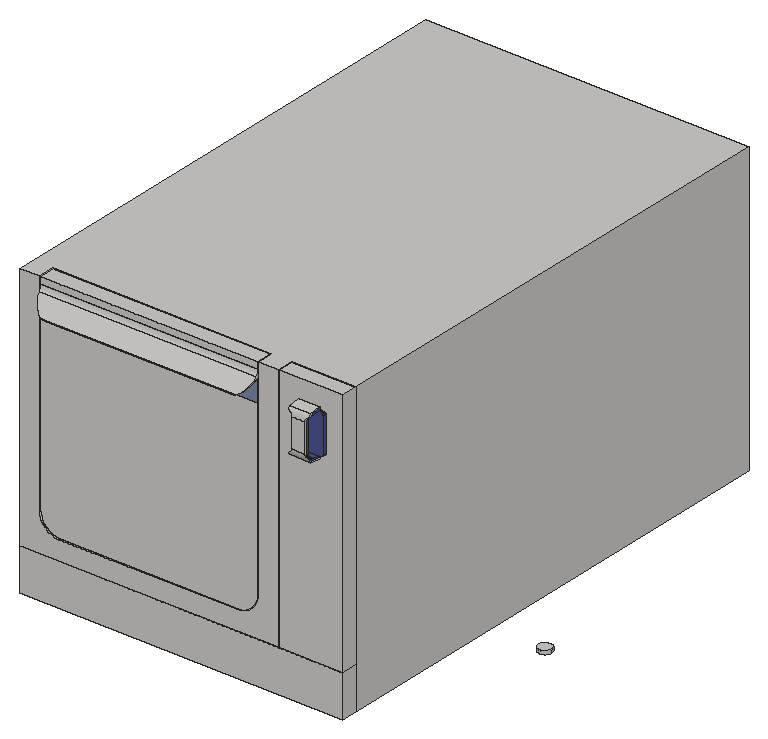
Revit family "QF_ELECTROLUXPROFESSIONAL_588651_MB4GCAEOAO", category Attrezzature speciali, Revit 2020
Family settings
  Quota connettore circolare = Usa diametro
  Tipo di parte = Normale
  Basato su piano di lavoro = No
  Sempre verticale = Sì
  Taglio con vuoti quando caricato = No
  Condiviso = No
  Punto di calcolo locali = No
Parameters (values of type "Standard")
  Weight = 22.00 kg
  Watts = 1000 W
  Volts = 400 V
  URL Manufacturer = "https://www.electroluxprofessional.com/"
  URL = "https://www.electroluxprofessional.com/"
  Steam Supply Size = 0"
  Steam Supply Minimum Pressure = 0.00 psi
  Steam Supply Maximum Pressure = 0.00 psi
  Steam Consumption per Hour = 0
  Refrigeration Suction Line Size = 0 mm
  Refrigeration Liquid Line Size = 0 mm
  Refrigerant Compressor Remote = yes
  Prospetto di default = 0 mm
  Phase = 3
  Modello = "MB4GCAEOAO"
  Produttore = "Electrolux Professional"
  Length Actual = 500 mm  # constant formula
  Item Number = "588651"
  Hot Water Size = 0"
  Height Actual = 450 mm  # constant formula
  HP = "1.3 HP"
  Gas Size = 0"
  Gas KW = 0
  Gas Input Pressure = 0.0 Btu/h
  Direct Waste Size = 0"
  Descrizione = "EL.WARM.CAB,GN,1 DOOR,1S,H2,500X850X450H"
  Depth Actual = 850 mm  # constant formula
  Cycle = 50 Hz
  Condensate Return Size = 0"
  Compressed Air Volume = 0 GPM
  Compressed Air Size = 0"
  Compressed Air Pressure = 0.00 psi
  Cold Water Size = 0"
  Accessory = yes
Reference planes
  plane 1 "BACK": y = 0
  plane 2: z = 0
  plane 3 "LEFT": x = 0
  plane 4 "RIGHT": x = 500
  plane 5 "FRONT": y = -850
  plane 6 "PLAIN": z = 900
  plane 7 "Center (Left/Right)": x = 250
  plane 8 "Center (Front/Back)": y = -425
  plane 9 "TOP": z = 650
  plane 10 "BASE": z = 200
  plane 11: x = 422
  plane 12: x = 78
  plane 13 "Feet_back": y = -150
  plane 14 "Feet_Front": y = -720
  plane 15: x = 500
  plane 16: z = 265
  plane 17: y = -45
  plane 18: y = -805
  plane 19: y = -70
  plane 20: y = -830
  plane 21 "ButtonX": x = 450
  plane 22 "ButtonZ": z = 590
  plane 23 "EIy": y = -537.367
  plane 24 "EIx": x = 579.018
  plane 25: x = 400
Forms (mm)
  Extrusion 1, solid, material "QF_Finishes_Stainless Steel"
    sketch origin (0, 0, 650) x (0, 1, 0) y (0, 0, 1)
      loop
        line (-45, -450) -> (-45, 0) -> (-805, 0) -> (-805, -450) -> (-45, -450)
    from 0 to 500
  Extrusion 2, solid, material "QF_Finishes_Stainless Steel"
    sketch origin (0, 0, 650) x (0, 1, 0) y (0, 0, 1)
      loop
        line (-830, -450) -> (-805, -450) -> (-805, -385) -> (-830, -385) -> (-830, -450)
    from 0 to 500
  Extrusion 3, void
    sketch origin (0, -850, 0) x (1, 0, 0) y (0, 0, 1)
      loop
        line (0, 650) -> (0, 265) -> (400, 265) -> (400, 650) -> (0, 650)
    from 0 to -780
  Extrusion 4, solid, material "QF_Finishes_Stainless Steel"
    sketch origin (0, -850, 0) x (1, 0, 0) y (0, 0, 1)
      loop
        line (30, 650) -> (30, 627) -> (400, 627) -> (400, 650) -> (30, 650)
    from -45 to -805
  Extrusion 5, solid, material "QF_Finishes_Stainless Steel"
    sketch origin (0, -850, 0) x (1, 0, 0) y (0, 0, 1)
      loop
        line (0, 650) -> (0, 265) -> (400, 265) -> (400, 650) -> (368, 650) -> (368, 325)
        arc (368, 325) -> (359.213, 303.787) -> (338, 295) r 30
        line (338, 295) -> (60, 295)
        arc (60, 295) -> (38.787, 303.787) -> (30, 325) r 30
        line (30, 325) -> (30, 650) -> (0, 650)
    from -20 to -780
  Extrusion 6, solid, material "QF_Finishes_Stainless Steel"
    sketch origin (0, -850, 0) x (1, 0, 0) y (0, 0, 1)
      loop
        line (400, 650) -> (400, 265) -> (500, 265) -> (500, 650) -> (400, 650)
    from -20 to -45
  Extrusion 7, solid, material "QF_Finishes_Stainless Steel"
    sketch origin (0, 0, 200) x (-1, 0, 0) y (0, -1, 0)
      loop
        circle (-579.018, 537.367) r 10
    from 0 to -5
Cuts and joins
  Extrusion 3 cuts Extrusion 1
  joined: Extrusion 1, Extrusion 4, Extrusion 5
Lines and regions (mm)
  symbolic lines, style "SpecialityEquipmentHiddenLines"
    curve 1: line (0, 0, 0) -> (500, 0, 0)
    curve 2: line (0, -850, 0) -> (0, 0, 0)
    curve 3: line (500, -850, 0) -> (0, -850, 0)
    curve 4: line (500, 0, 0) -> (500, -850, 0)
Dimensions and locks
  plane 3 "LEFT" to plane 4 "RIGHT" = 500 mm
  plane 5 "FRONT" to plane 1 "BACK" = 850 mm
  equal spacing: plane 3 "LEFT", plane 7 "Center (Left/Right)", plane 4 "RIGHT"
  equal spacing: plane 5 "FRONT", plane 8 "Center (Front/Back)", plane 1 "BACK"
  plane 6 "PLAIN" to plane 9 "TOP" = 250 mm
  plane 10 "BASE" to level = 200 mm
  plane 9 "TOP" to plane 10 "BASE" = 450 mm
  locked: plane 1 "BACK" to plane 13 "Feet_back" at 150
  locked: plane 14 "Feet_Front" to plane 5 "FRONT" at 130
  locked: plane 12 to plane 3 "LEFT" at 78
  locked: plane 11 to plane 4 "RIGHT" at 78
  locked: plane 16 to plane 10 "BASE" at 65
  locked: plane 1 "BACK" to plane 17 at 45
  plane 9 "TOP" to Extrusion 4 sketch curve = 23 mm
  plane 15 to Extrusion 4 sketch curve = 100 mm
  locked: Extrusion 5 sketch curve to plane 16 at 30
  plane 6 "PLAIN" to level = 900 mm
  locked: plane 17 to plane 19 at 25
  locked: plane 20 to plane 5 "FRONT" at 20
  locked: plane 18 to plane 20 at 25
  plane 17 to plane 20 = 785 mm
  plane 21 "ButtonX" to plane 4 "RIGHT" = 50 mm
  plane 22 "ButtonZ" to level = 590 mm
  plane 25 to plane 3 "LEFT" = 400 mm
  aligned and locked: level to plane 2
  aligned and locked: Extrusion 1 to plane 4 "RIGHT"
  aligned and locked: Extrusion 1 to plane 3 "LEFT"
  aligned and locked: Extrusion 2 to plane 4 "RIGHT"
  aligned and locked: plane 9 "TOP" to Extrusion 3 sketch curve
  aligned and locked: Extrusion 2 to plane 10 "BASE"
  aligned and locked: Extrusion 2 to plane 16
  aligned and locked: plane 16 to Extrusion 3 sketch curve
  aligned and locked: plane 9 "TOP" to Extrusion 5 sketch curve  (x2)
  aligned and locked: plane 16 to Extrusion 5 sketch curve
  aligned and locked: Extrusion 6 sketch curve to plane 9 "TOP"
  aligned and locked: Extrusion 6 sketch curve to plane 16
  aligned and locked: plane 4 "RIGHT" to Extrusion 6 sketch curve
  aligned and locked: Extrusion 5 to plane 19
  aligned and locked: cut or joined group of Extrusion 1, Extrusion 3, Extrusion 4, Extrusion 5 to plane 19
  aligned and locked: cut or joined group of Extrusion 1, Extrusion 3, Extrusion 4, Extrusion 5 to plane 17
  aligned and locked: plane 20 to Extrusion 5
  aligned and locked: plane 20 to Extrusion 6
  aligned and locked: Extrusion 6 to plane 18
  aligned and locked: Extrusion 2 to plane 18
  aligned and locked: plane 20 to Extrusion 2
  aligned and locked: plane 22 "ButtonZ" to nested 2
  aligned and locked: nested 2 to plane 20
  aligned and locked: plane 21 "ButtonX" to nested 2
  aligned and locked: plane 25 to Extrusion 5 sketch curve
  aligned and locked: nested 1 to cut or joined group of Extrusion 1, Extrusion 3, Extrusion 4, Extrusion 5
  aligned and locked: plane 25 to cut or joined group of Extrusion 1, Extrusion 3, Extrusion 4, Extrusion 5
  aligned and locked: plane 25 to Extrusion 6 sketch curve
  aligned and locked: plane 25 to Extrusion 3 sketch curve
Automatic sketch dimensions
  Extrusion 1 sketch curve to plane 10 "BASE" = 0 mm
  Extrusion 1 sketch curve to plane 9 "TOP" = 0 mm
  plane 1 "BACK" to Extrusion 1 sketch curve = 45 mm
  Extrusion 1 sketch curve to plane 5 "FRONT" = 45 mm
  Extrusion 2 sketch curve to plane 5 "FRONT" = 20 mm
  Extrusion 2 sketch curve to plane 9 "TOP" = 385 mm
  plane 10 "BASE" to Extrusion 2 sketch curve = 0 mm
  Extrusion 2 sketch curve to plane 5 "FRONT" = 45 mm
  Extrusion 4 sketch curve to plane 9 "TOP" = 0 mm
  Extrusion 5 sketch curve to Extrusion 5 sketch curve = 30 mm  (x2)
  curve 3 to plane 3 "LEFT" = 0 mm
  curve 3 to plane 4 "RIGHT" = 0 mm
  plane 5 "FRONT" to curve 3 = 0 mm
  plane 1 "BACK" to curve 2 = 0 mm
  Extrusion 7 sketch curve to plane 23 "EIy" = 0 mm
  Extrusion 7 sketch curve to plane 24 "EIx" = 0 mm
  Extrusion 3 sketch curve to plane 3 "LEFT" = 0 mm
  plane 3 "LEFT" to Extrusion 4 sketch curve = 30 mm
  Extrusion 5 sketch curve to plane 3 "LEFT" = 0 mm
  plane 7 "Center (Left/Right)" to Extrusion 5 sketch curve = 88 mm
  plane 3 "LEFT" to Extrusion 5 sketch curve = 30 mm
  radius of Extrusion 7 sketch curve = 10 mm
Nested families
  nested 1: "H450H2_1DOOR" at (163.958, -805, 200) x (1, 0, 0) z (0, -1, 0), type "H450H2_1DOOR"
    with Width 340 mm, Show Clearance yes
  nested 2: "Range Control Handle" at (450, -833.137, -381.092), type "Range Control Handle"
Connectors
  electrical at (579.018, -537.367, 195), driven by "Volts"
    settings: on Extrusion 7, index 1, voltage 400 V, apparent load 0 VA, apparent load phase1 0 VA, apparent load phase2 0 VA, apparent load phase3 0 VA, power factor 1, load classification "Other", number of poles 1, system type 30, power factor state 1, is connector primary yes, connector utility no, sub classification motor no, connector description "Electrical Connection"
Definition of nested family "H450H2_1DOOR"
  Parameters
    Width [instance] = 340 mm
    Show Clearance [instance] = yes
    Model = "727995"
    Height = 450 mm
    Default Elevation = 0 mm
  Reference planes
    plane 1 "Center (Front/Back)": y = 0
    plane 2: z = 0
    plane 3 "Center (Left/Right)": x = 36.042
    plane 4 "panel": z = 25
    plane 5: x = -133.958
    plane 6: x = 206.042
    plane 7: y = 450
    plane 8: z = 340
    plane 9: z = 45
    plane 10: x = -108.958
  Forms (mm)
    Extrusion 1, solid
      sketch origin (0, -919.2, 0) x (1, 0, 0) y (0, 1, 0)
        loop
          line (-980.5, 2119.2) -> (-980.5, -162.846) -> (881.94, -162.846) -> (881.94, 2119.2) -> (-980.5, 2119.2)
      from 0 to -59.546
    Extrusion 2, solid
      sketch origin (0, 0, 0) x (1, 0, 0) y (0, 1, 0)
        loop
          arc (-131.958, 127) -> (-123.171, 105.787) -> (-101.958, 97) r 30
          line (-101.958, 97) -> (174.042, 97)
          arc (174.042, 97) -> (195.255, 105.787) -> (204.042, 127) r 30
          line (204.042, 127) -> (204.042, 393) -> (-131.958, 393) -> (-131.958, 127)
      from 0 to 25
    Extrusion 3, solid
      sketch origin (0, 0, 0) x (1, 0, 0) y (0, 1, 0)
        loop
          line (-131.958, 393) -> (204.042, 393) -> (204.042, 440) -> (-131.958, 440) -> (-131.958, 393)
      from 0 to 25
    Extrusion 4, solid
      sketch origin (36.042, 0, 0) x (0, 1, 0) y (0, 0, 1)
        loop
          line (426.693, 25) -> (440.02, 25)
          arc (440.02, 25) -> (435.261, 25.775) -> (430.993, 28.02) r 15
          line (430.993, 28.02) -> (406.653, 46.362) -> (403.644, 42.369) -> (426.693, 25)
      from -168 to 168
    Extrusion 5, void
      sketch origin (72.084, 0, 0) x (-1, 0, 0) y (0, -1, 0)
        loop
          line (204.042, -426.693) -> (204.042, -403.644) -> (180.317, -403.644)
          arc (180.317, -403.644) -> (194.508, -412.772) -> (204.042, -426.693) r 42.603
      from 25 to 47.9
    Extrusion 6, solid
      sketch origin (0, 0, 0) x (1, 0, 0) y (0, 1, 0)
        loop
          line (-131.958, 440) -> (204.042, 440) -> (204.042, 450) -> (-131.958, 450) -> (-131.958, 440)
      from 0 to 25
    Extrusion 7, void
      sketch origin (0, 0, 0) x (1, 0, 0) y (0, 1, 0)
        loop
          arc (204.042, 426.693) -> (194.508, 412.772) -> (180.317, 403.644) r 42.603
          line (180.317, 403.644) -> (204.042, 403.644) -> (204.042, 426.693)
      from 25 to 47.9
    Extrusion 8, solid, detail levels coarse
      sketch origin (0, 0, 0) x (1, 0, 0) y (0, 0, 1)
        loop
          line (-133.958, 340) -> (-133.958, 25) -> (206.042, 25)
          arc (206.042, 25) -> (107.107, 241.065) -> (-108.958, 340) r 340.918
          line (-108.958, 340) -> (-133.958, 340)
      from -450 to -97
  Cuts and joins
    Extrusion 5, Extrusion 7 cuts Extrusion 4
    Extrusion 7 cuts Extrusion 3
  Lines and regions (mm)
    symbolic lines
      curve 1: line (-133.958, 0, 340) -> (-133.958, 0, 45)
      curve 2: arc (203.986, 0, 44.931) -> (99.919, 0, 248.045) -> (-108.958, 0, 340) r 340.918
      curve 3: line (-108.958, 0, 45) -> (-108.958, 0, 340)
      curve 4: line (-108.958, 0, 340) -> (-133.958, 0, 340)
  Dimensions and locks
    plane 4 "panel" to level = 25 mm
    "Width": plane 5 to plane 6
    equal spacing: plane 5, plane 3 "Center (Left/Right)", plane 6
    "Height": plane 1 "Center (Front/Back)" to plane 7
    locked: plane 5 to Extrusion 2 sketch curve at 2
    locked: plane 1 "Center (Front/Back)" to Extrusion 2 sketch curve at 97
    locked: plane 7 to Extrusion 2 sketch curve at 57
    Extrusion 3 sketch curve to Extrusion 2 = 47 mm
    locked: Extrusion 2 sketch curve to plane 6 at 2
    "Width": Extrusion 1 to plane 8
    locked: plane 10 to plane 5 at 25
    aligned and locked: plane 2 to Extrusion 1
    aligned and locked: level to Extrusion 1
    aligned and locked: plane 4 "panel" to Extrusion 2
    aligned and locked: plane 4 "panel" to Extrusion 3
    aligned and locked: Extrusion 4 to Extrusion 3
    aligned and locked: Extrusion 3 to Extrusion 4
    aligned and locked: Extrusion 3 to Extrusion 2
    aligned and locked: cut or joined group of Extrusion 4, Extrusion 5, Extrusion 7 to plane 4 "panel"
    aligned and locked: plane 7 to Extrusion 6 sketch curve
    aligned and locked: plane 4 "panel" to Extrusion 6
    aligned and locked: Extrusion 2 to Extrusion 6
    aligned and locked: Extrusion 7 sketch curve to Extrusion 2
    aligned and locked: Extrusion 2 to cut or joined group of Extrusion 4, Extrusion 5, Extrusion 7
    aligned and locked: plane 5 to Extrusion 8 sketch curve
    aligned and locked: plane 4 "panel" to Extrusion 8 sketch curve
    aligned and locked: plane 7 to Extrusion 8
    aligned and locked: Extrusion 2 to Extrusion 8
  Automatic sketch dimensions
    Extrusion 1 sketch curve to Extrusion 1 sketch curve = 1862.44 mm
    Extrusion 1 sketch curve to Extrusion 1 sketch curve = 2282.046 mm
    Extrusion 2 sketch curve to Extrusion 2 sketch curve = 30 mm  (x2)
    plane 5 to Extrusion 3 sketch curve = 2 mm
    Extrusion 3 sketch curve to plane 6 = 2 mm
    Extrusion 3 sketch curve to Extrusion 3 sketch curve = 47 mm
    Extrusion 4 sketch curve to plane 4 "panel" = 0 mm
    plane 4 "panel" to Extrusion 4 sketch curve = 17.369 mm
    Extrusion 4 sketch curve to plane 7 = 46.356 mm
    plane 4 "panel" to Extrusion 4 sketch curve = 21.362 mm
    Extrusion 4 sketch curve to Extrusion 4 sketch curve = 3.009 mm
    plane 4 "panel" to Extrusion 4 sketch curve = 3.02 mm
    Extrusion 4 sketch curve to Extrusion 4 sketch curve = 9.027 mm
    plane 7 to Extrusion 5 sketch curve = 6.671 mm
    Extrusion 5 sketch curve to plane 5 = 41.221 mm
    Extrusion 5 sketch curve to plane 5 = 25.725 mm
    Extrusion 5 sketch curve to plane 5 = 2 mm
    plane 7 to Extrusion 5 sketch curve = 23.307 mm
    plane 5 to Extrusion 6 sketch curve = 2 mm
    Extrusion 6 sketch curve to plane 6 = 2 mm
    Extrusion 6 sketch curve to plane 7 = 10 mm
    Extrusion 7 sketch curve to Extrusion 7 sketch curve = 23.725 mm
    Extrusion 7 sketch curve to plane 7 = 6.671 mm
    Extrusion 7 sketch curve to plane 6 = 41.221 mm
    Extrusion 7 sketch curve to plane 7 = 23.307 mm
    curve 4 to plane 5 = 0 mm
    curve 3 to plane 8 = 0 mm
    plane 10 to curve 4 = 0 mm
    curve 2 to level = 0 mm
    curve 1 to plane 9 = 0 mm
    curve 3 to plane 9 = 0 mm
    curve 2 to plane 9 = 0.069 mm
    curve 2 to plane 5 = 0 mm
    Extrusion 8 sketch curve to level = 0 mm
    Extrusion 8 sketch curve to plane 5 = 0 mm
    Extrusion 8 sketch curve to plane 8 = 0 mm
    Extrusion 8 sketch curve to plane 6 = 0 mm
Definition of nested family "Range Control Handle"
  Parameters
    Default Elevation = 0 mm
  Reference planes
    plane 1 "Center (Front/Back)": y = 0
    plane 2: z = 0
    plane 3 "Center (Left/Right)": x = 0
    plane 4: z = 971.092
    plane 5: y = -16.9
  Forms (mm)
    Extrusion 1, solid
      sketch origin (-746.28, 380.497, 208.931) x (-1, 0, 0) y (0, 0, 1)
        loop
          line (-770.101, 786.798) -> (-770.101, 731.649)
          arc (-770.101, 731.649) -> (-769.759, 730.563) -> (-768.855, 729.87) r 1.893
          line (-768.855, 729.87) -> (-763.474, 727.911) -> (-729.81, 727.911) -> (-724.428, 729.87)
          arc (-724.428, 729.87) -> (-723.525, 730.563) -> (-723.183, 731.649) r 1.893
          line (-723.183, 731.649) -> (-723.183, 786.798)
          arc (-723.183, 786.798) -> (-723.529, 787.894) -> (-724.44, 788.593) r 1.91
          line (-724.44, 788.593) -> (-729.683, 790.819) -> (-763.601, 790.819) -> (-768.844, 788.593)
          arc (-768.844, 788.593) -> (-769.755, 787.894) -> (-770.101, 786.798) r 1.91
      from -382.35 to -378.852
    Sweep 2, solid
      path origin (-746.788, 380.496, 208.091) x (0, -1, 0) y (0, 0, 1)
        loop
          line (379.775, 793.281) -> (395.661, 791.048)
          arc (395.661, 791.048) -> (397.781, 787.377) -> (398.517, 783.202) r 12.207
          line (398.517, 783.202) -> (398.517, 737.368)
          arc (398.517, 737.368) -> (397.781, 733.193) -> (395.661, 729.522) r 12.207
          line (395.661, 729.522) -> (379.775, 727.289)
      profile origin (-746.788, -7.222, 1000.256) x (0, -0.139173, 0.990268) y (-1, 0, 0)
        loop
          line (0.782, -763.123) -> (0.782, -730.907) -> (-1.322, -730.907) -> (-1.322, -763.123) -> (0.782, -763.123)
    Sweep 3, solid
      path origin (-746.788, 380.715, 207.832) x (0, -1, 0) y (0, 0, 1)
        loop
          line (380.478, 795.442) -> (397.218, 793.09)
          arc (397.218, 793.09) -> (399.929, 788.473) -> (400.871, 783.202) r 15.207
          line (400.871, 783.202) -> (400.871, 737.584)
          arc (400.871, 737.584) -> (399.914, 732.274) -> (397.164, 727.633) r 15.207
          line (397.164, 727.633) -> (380.601, 725.305)
      profile origin (-746.788, -8.132, 1002.099) x (0, -0.139173, 0.990268) y (-1, 0, 0)
        loop
          line (0.782, -763.123) -> (0.782, -730.907) -> (-1.322, -730.907) -> (-1.322, -763.123) -> (0.782, -763.123)
    Extrusion 4, void
      sketch origin (889.253, 220.666, 207.993) x (1, 0, 0) y (0, 0, 1)
        loop
          line (-943.038, 816.854) -> (-943.038, 703.686) -> (-899.466, 734.196) -> (-899.466, 786.344) -> (-943.038, 816.854)
      from 230.636 to 242.25
    Extrusion 5, void
      sketch origin (-888.8, 220.666, 207.993) x (-1, 0, 0) y (0, 0, -1)
        loop
          line (-943.038, -816.854) -> (-899.466, -786.344) -> (-899.466, -734.196) -> (-943.038, -703.686) -> (-943.038, -816.854)
      from 230.636 to 242.25
    Extrusion 6, solid
      sketch origin (0, 0, 0) x (1, 0, 0) y (0, 0, 1)
        loop
          circle (0, 971.092) r 7.736
      from -3.137 to -1.645
  Cuts and joins
    Extrusion 4, Extrusion 5 cuts Sweep 3
    Extrusion 4, Extrusion 5 cuts Sweep 2
    joined: Extrusion 1, Extrusion 6
  Lines and regions (mm)
    symbolic lines
      curve 1: line (16.334, -16.9, 0) -> (16.334, -19.227, 0)
      curve 2: spline (16.334, -19.227, 0) -> (15.87, -19.385, 0) -> (15.404, -19.536, 0) -> (14.936, -19.678, 0) -> (14.466, -19.813, 0) -> (13.995, -19.94, 0) -> (13.523, -20.059, 0) -> (13.049, -20.171, 0) -> (12.575, -20.274, 0) -> (12.099, -20.37, 0) -> (11.622, -20.458, 0) -> (11.144, -20.537, 0) -> (10.666, -20.609, 0)
      curve 3: line (10.666, -16.9, 0) -> (10.666, -20.938, 0)
      curve 4: line (-10.213, -20.938, 0) -> (10.666, -20.938, 0)
      curve 5: line (-10.213, -20.938, 0) -> (-10.213, -16.9, 0)
      curve 6: spline (-10.213, -20.609, 0) -> (-10.691, -20.537, 0) -> (-11.169, -20.458, 0) -> (-11.646, -20.37, 0) -> (-12.122, -20.274, 0) -> (-12.597, -20.171, 0) -> (-13.07, -20.059, 0) -> (-13.542, -19.94, 0) -> (-14.013, -19.813, 0) -> (-14.483, -19.678, 0) -> (-14.951, -19.536, 0) -> (-15.417, -19.385, 0) -> (-15.881, -19.227, 0)
      curve 7: line (-15.881, -19.227, 0) -> (-15.881, -16.9, 0)
